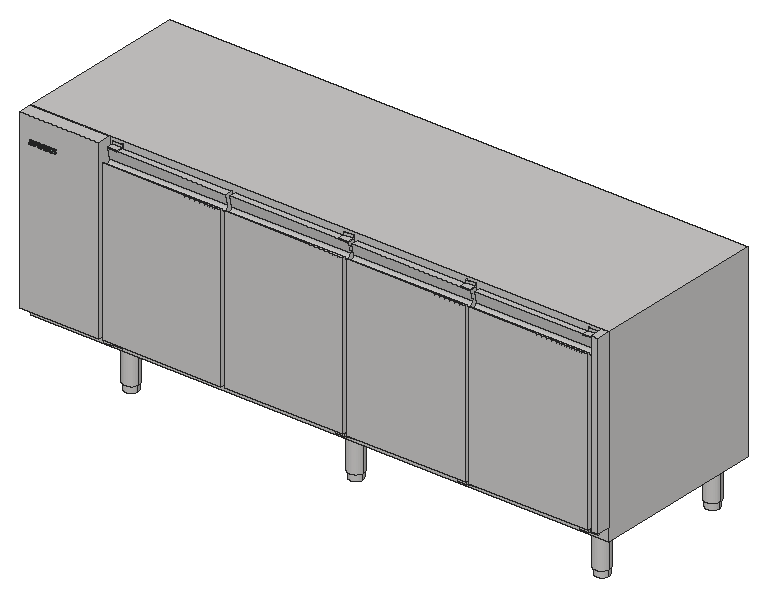
Revit family "QF_ALPENINOX_721080_AK4R7AAAA", category Attrezzature speciali, Revit 2018
Family settings
  Quota connettore circolare = Usa diametro
  Tipo di parte = Normale
  Basato su piano di lavoro = No
  Sempre verticale = Sì
  Taglio con vuoti quando caricato = No
  Condiviso = No
  Punto di calcolo locali = No
Parameters (values of type "Standard")
  Weight = 130.00 kg
  Watts = 270 W
  Volts = 220 V
  URL Manufacturer = "http://www.alpeninox.com"
  URL = "http://www.alpeninox.com"
  Steam Supply Size = 0 mm
  Steam Supply Minimum Pressure = 0.0 Pa
  Steam Supply Maximum Pressure = 0.0 Pa
  Steam Consumption per Hour = 0
  Refrigeration Suction Line Size = 0 mm
  Refrigeration Liquid Line Size = 0 mm
  Refrigerant Compressor Remote = yes
  Produttore = "Alpeninox"
  Phase = 1
  Modello = "AK4R7AAAA"
  Length Actual = 2149 mm  # constant formula
  Item Number = "721080"
  Hot Water Size = 0 mm
  Height Actual = 850 mm  # constant formula
  HP = "0.4 HP"
  Gas Size = 0 mm
  Gas KW = 0
  Gas Input Pressure = 0 W
  Direct Waste Size = 0 mm
  Descrizione = "4-DOOR REFRIGERATED COUNTER, -2+10°C, FULL AISI 304 (R290), WITHOUT WORK TOP"
  Depth Actual = 700 mm  # constant formula
  Cycle = 50 Hz
  Condensate Return Size = 0 mm
  Compressed Air Volume = 0.0 L/s
  Compressed Air Size = 0 mm
  Compressed Air Pressure = 0.0 Pa
  Cold Water Size = 0 mm
  Accessory = yes
Values of the unnamed type that differ from the named types
  Weight = 0.00 kg
  Watts = 0 W
  Volts = 0 V
  URL Manufacturer = ""
  Item Number = ""
  HP = ""
  Cycle = 0 Hz
Reference planes
  plane 1: z = 0
  plane 2 "Center (Left/Right)": x = -126.5
  plane 3 "Center (Front/Back)": y = 64.5
  plane 4 "FEET": z = 150
  plane 5 "TOP": z = 900
  plane 6 "PLAIN": z = 850
  plane 7 "EI_back": y = 103
  plane 8 "EI_left": x = -1140
  plane 9 "BACK": y = 412
  plane 10 "FRONT": y = -283
  plane 11 "DOOR": y = -233
  plane 12 "LEFT": x = -1201
  plane 13 "RIGHT": x = 948
  plane 14: x = -1176
  plane 15: x = 923
Forms (mm)
  Extrusion 1, solid, material "QF_Finishes_Stainless Steel"
    sketch origin (-1022.223, -1524, 150) x (-1, 0, 0) y (0, -1, 0)
      loop
        circle (117.777, -1627) r 5
    from 0 to -40
  Extrusion 2, solid, material "QF_Finishes_Stainless Steel"
    sketch origin (-1022.223, -1524, 150) x (-1, 0, 0) y (0, -1, 0)
      loop
        line (-1945.223, -1291) -> (-1945.223, -1241) -> (-1970.223, -1241) -> (-1970.223, -1291) -> (-1945.223, -1291)
    from 48 to 700
  Extrusion 3, solid, material "QF_Finishes_Stainless Steel"
    sketch origin (-1022.223, -1524, 150) x (-1, 0, 0) y (0, -1, 0)
      loop
        line (178.777, -1936) -> (178.777, -1291) -> (-1970.223, -1291) -> (-1970.223, -1936) -> (178.777, -1936)
    from 0 to 700
Lines and regions (mm)
  symbolic lines, style "SpecialityEquipmentHiddenLines"
    curve 1: line (-1201, 412, 150) -> (948, 412, 150)
    curve 2: line (-1201, -283, 150) -> (-1201, 412, 150)
    curve 3: line (948, -283, 150) -> (-1201, -283, 150)
    curve 4: line (948, 412, 150) -> (948, -283, 150)
    curve 5: line (-1201, -233, 150) -> (948, -233, 150)
    curve 6: line (923, -283, 150) -> (923, -233, 150)
Dimensions and locks
  plane 4 "FEET" to level = 150 mm
  plane 11 "DOOR" to plane 10 "FRONT" = 50 mm
  plane 6 "PLAIN" to plane 4 "FEET" = 700 mm
  plane 5 "TOP" to plane 6 "PLAIN" = 50 mm
  plane 12 "LEFT" to plane 14 = 25 mm
  plane 15 to plane 13 "RIGHT" = 25 mm
  plane 9 "BACK" to plane 7 "EI_back" = 309 mm
  plane 12 "LEFT" to plane 8 "EI_left" = 61 mm
  plane 12 "LEFT" to plane 13 "RIGHT" = 2149 mm
  equal spacing: plane 12 "LEFT", plane 2 "Center (Left/Right)", plane 13 "RIGHT"
  plane 9 "BACK" to plane 10 "FRONT" = 695 mm
  equal spacing: plane 9 "BACK", plane 3 "Center (Front/Back)", plane 10 "FRONT"
  aligned and locked: level to plane 1
  aligned and locked: plane 13 "RIGHT" to Extrusion 2
  aligned and locked: Extrusion 2 to plane 15
Automatic sketch dimensions
  Extrusion 1 sketch curve to plane 7 "EI_back" = 0 mm
  Extrusion 1 sketch curve to plane 8 "EI_left" = 0 mm
  Extrusion 2 sketch curve to plane 11 "DOOR" = 0 mm
  Extrusion 2 sketch curve to plane 13 "RIGHT" = 0 mm
  Extrusion 2 sketch curve to plane 10 "FRONT" = 0 mm
  Extrusion 2 sketch curve to plane 15 = 0 mm
  Extrusion 3 sketch curve to plane 9 "BACK" = 0 mm
  Extrusion 3 sketch curve to plane 13 "RIGHT" = 0 mm
  Extrusion 3 sketch curve to plane 11 "DOOR" = 0 mm
  Extrusion 3 sketch curve to plane 12 "LEFT" = 0 mm
  curve 1 to plane 13 "RIGHT" = 0 mm
  curve 6 to plane 10 "FRONT" = 0 mm
  curve 6 to plane 15 = 0 mm
  curve 5 to plane 12 "LEFT" = 0 mm
  curve 6 to plane 11 "DOOR" = 0 mm
  curve 1 to plane 9 "BACK" = 0 mm
  radius of Extrusion 1 sketch curve = 5 mm
Nested families
  nested 1: "HPC_Refrigerator" at (948, -283, 0), type "HPC_Refrigerator"
  nested 2: "HPC_FEET" at (-867, 331, 0), type "HPC_FEET"
  nested 3: "HPC_FEET" at (882, 331, 0), type "HPC_FEET"
  nested 4: "HPC_FEET" at (-867, -183, 0), type "HPC_FEET"
  nested 5: "HPC_FEET" at (882, -183, 0), type "HPC_FEET"
  nested 6: "HPC_FEET" at (-32, -183, 0), type "HPC_FEET"
  nested 7: "HPC_APX_BI_TN_L" at (-994.08, -233, 598) x (1, 0, 0) z (0, -1, 0), type "HPC_APX_BI_TN_L"
    with Show Logo yes
  nested 8: "HPC_APX_SD_L" at (-673, -233, 512) x (1, 0, 0) z (0, -1, 0), type "HPC_APX_SD_L"
    with Show Clearance yes
  nested 9: "HPC_APX_SD_R" at (-219, -233, 512) x (1, 0, 0) z (0, -1, 0), type "HPC_APX_SD_R"
    with Show Clearance yes
  nested 10: "HPC_APX_SD_R" at (235, -233, 512) x (1, 0, 0) z (0, -1, 0), type "HPC_APX_SD_R"
    with Show Clearance yes
  nested 11: "HPC_APX_SD_R" at (689, -233, 512) x (1, 0, 0) z (0, -1, 0), type "HPC_APX_SD_R"
    with Show Clearance yes
Connectors
  electrical at (-1140, 103, 110), driven by "Volts"
    settings: on Extrusion 1, index 1, voltage 220 V, apparent load 0 VA, apparent load phase1 0 VA, apparent load phase2 0 VA, apparent load phase3 0 VA, power factor 1, load classification "Other", number of poles 1, system type 31, power factor state 1, is connector primary yes, connector utility no, sub classification motor no, connector description "Electrical Connection"
Definition of nested family "HPC_FEET"
  Parameters
    FEET = 150 mm
  Reference planes
    plane 1 "Center (Front/Back)": y = 0
    plane 2: z = 0
    plane 3 "Center (Left/Right)": x = 0
    plane 4: z = 150
  Forms (mm)
    Revolve 1, solid
      sketch origin (255.05, 0, 608.09) x (0, 0, 1) y (-1, 0, 0)
        loop
          line (-608.09, 255.05) -> (-608.09, 230.05) -> (-583.09, 230.05) -> (-583.09, 226.05) -> (-458.09, 226.05) -> (-458.09, 255.05) -> (-608.09, 255.05)
        axis (-608.09, 255.05) -> (-458.09, 255.05)
      angle from 0 to 360
  Dimensions and locks
    locked: Revolve 1 sketch curve to Revolve 1 sketch curve at 125
    "FEET": plane 4 to plane 2
    aligned and locked: level to plane 2
    aligned and locked: plane 4 to Revolve 1 sketch curve
    aligned and locked: Revolve 1 sketch curve to level
    aligned and locked: plane 3 "Center (Left/Right)" to Revolve 1 sketch curve
  Automatic sketch dimensions
    Revolve 1 sketch curve to plane 3 "Center (Left/Right)" = 0 mm
    Revolve 1 sketch curve to Revolve 1 sketch curve = 25 mm
    Revolve 1 sketch curve to Revolve 1 sketch curve = 29 mm
    plane 4 to Revolve 1 sketch curve = 50 mm
    Revolve 1 sketch curve to Revolve 1 sketch curve = 20 mm
Definition of nested family "HPC_APX_BI_TN_L"
  Parameters
    Show Logo [instance] = yes
    Default Elevation = 1219.2 mm
  Reference planes
    plane 1 "Center (Front/Back)": y = -74
    plane 2: z = 0
    plane 3 "Center (Left/Right)": x = -59.92
    plane 4: x = -206.92
    plane 5: x = 87.08
    plane 6: y = 252
    plane 7: y = -400
  Forms (mm)
    Extrusion 1, solid
      sketch origin (0, 0, 0) x (1, 0, 0) y (0, 1, 0)
        loop
          line (-1219.2, 1219.2) -> (-1219.2, -1219.2) -> (1219.2, -1219.2) -> (1219.2, 1219.2) -> (-1219.2, 1219.2)
      from 0 to -304.8
    Extrusion 2, solid
      sketch origin (0, 0, 0) x (1, 0, 0) y (0, 1, 0)
        loop
          line (-206.92, 252) -> (-206.92, -400) -> (87.08, -400) -> (87.08, 252) -> (-206.92, 252)
      from 0 to 50
    Extrusion 3, solid
      sketch origin (0, 0, 0) x (1, 0, 0) y (0, 1, 0)
        loop
          line (-168.675, 170.349) -> (-172.411, 160.318)
          arc (-172.411, 160.318) -> (-171.624, 158.497) -> (-169.837, 159.36) r 1.374
          line (-169.837, 159.36) -> (-169.268, 161.111) -> (-164.1, 161.111) -> (-163.54, 159.379)
          arc (-163.54, 159.379) -> (-161.802, 158.542) -> (-161.049, 160.318) r 1.333
          line (-161.049, 160.318) -> (-164.694, 170.349)
          arc (-164.694, 170.349) -> (-166.685, 171.876) -> (-168.675, 170.349) r 2.06
        loop
          line (-166.681, 169.055) -> (-168.469, 163.655) -> (-164.935, 163.655) -> (-166.681, 169.055)
        loop
          arc (-159.705, 160.042) -> (-159.262, 158.973) -> (-158.194, 158.531) r 1.512
          line (-158.194, 158.531) -> (-153.608, 158.531)
          arc (-153.608, 158.531) -> (-152.337, 159.802) -> (-153.608, 161.074) r 1.272
          line (-153.608, 161.074) -> (-156.917, 161.074) -> (-156.917, 170.328)
          arc (-156.917, 170.328) -> (-158.311, 171.722) -> (-159.705, 170.328) r 1.394
          line (-159.705, 170.328) -> (-159.705, 160.042)
        loop
          line (-151.076, 170.218) -> (-151.076, 159.859)
          arc (-151.076, 159.859) -> (-149.683, 158.466) -> (-148.29, 159.859) r 1.393
          line (-148.29, 159.859) -> (-148.29, 162.882) -> (-146.225, 162.882)
          arc (-146.225, 162.882) -> (-142.999, 163.859) -> (-141.608, 166.928) r 4.082
          arc (-141.608, 166.928) -> (-142.993, 170.272) -> (-146.336, 171.657) r 4.728
          line (-146.336, 171.657) -> (-149.638, 171.657)
          arc (-149.638, 171.657) -> (-150.655, 171.235) -> (-151.076, 170.218) r 1.439
        loop
          line (-148.29, 165.313) -> (-146.388, 165.313)
          arc (-146.388, 165.313) -> (-144.433, 167.268) -> (-146.388, 169.222) r 1.955
          line (-146.388, 169.222) -> (-148.29, 169.222) -> (-148.29, 165.313)
        loop
          arc (-131.184, 166.332) -> (-132.004, 168.2) -> (-133.767, 169.228) r 3.3
          arc (-133.767, 169.228) -> (-136.353, 168.661) -> (-137.611, 166.332) r 3.176
          line (-137.611, 166.332) -> (-131.184, 166.332)
        loop
          line (-137.538, 163.743) -> (-130.544, 163.743)
          arc (-130.544, 163.743) -> (-129.292, 163.916) -> (-128.301, 164.701) r 2.4
          arc (-128.301, 164.701) -> (-128.155, 165.545) -> (-128.212, 166.399) r 3.635
          arc (-128.212, 166.399) -> (-130.364, 170.162) -> (-134.39, 171.769) r 6.579
          arc (-134.39, 171.769) -> (-138.918, 169.706) -> (-140.661, 165.044) r 6.501
          arc (-140.661, 165.044) -> (-139.276, 160.789) -> (-135.401, 158.549) r 6.252
          arc (-135.401, 158.549) -> (-132.922, 158.526) -> (-130.544, 159.232) r 8.361
          arc (-130.544, 159.232) -> (-129.466, 159.781) -> (-128.641, 160.666) r 3.486
          arc (-128.641, 160.666) -> (-128.419, 161.592) -> (-128.828, 162.451) r 1.425
          arc (-128.828, 162.451) -> (-129.368, 162.762) -> (-129.99, 162.762) r 1.203
          arc (-129.99, 162.762) -> (-130.406, 162.59) -> (-130.764, 162.316) r 1.724
          arc (-130.764, 162.316) -> (-131.666, 161.705) -> (-132.646, 161.229) r 7.6
          arc (-132.646, 161.229) -> (-135.676, 161.35) -> (-137.538, 163.743) r 3.6
        loop
          line (-126.669, 170.328) -> (-126.669, 159.859)
          arc (-126.669, 159.859) -> (-125.273, 158.463) -> (-123.878, 159.859) r 1.396
          line (-123.878, 159.859) -> (-123.878, 166.785) -> (-117.946, 159.029)
          arc (-117.946, 159.029) -> (-116.361, 158.51) -> (-115.379, 159.859) r 1.417
          line (-115.379, 159.859) -> (-115.379, 170.328)
          arc (-115.379, 170.328) -> (-116.774, 171.723) -> (-118.169, 170.328) r 1.395
          line (-118.169, 170.328) -> (-118.169, 163.311) -> (-124.101, 171.157)
          arc (-124.101, 171.157) -> (-125.687, 171.678) -> (-126.669, 170.328) r 1.418
        loop
          arc (-113.636, 159.859) -> (-112.241, 158.464) -> (-110.847, 159.859) r 1.394
          line (-110.847, 159.859) -> (-110.847, 170.328)
          arc (-110.847, 170.328) -> (-112.241, 171.723) -> (-113.636, 170.328) r 1.394
          line (-113.636, 170.328) -> (-113.636, 159.859)
        loop
          line (-109.102, 170.328) -> (-109.102, 159.859)
          arc (-109.102, 159.859) -> (-107.706, 158.463) -> (-106.31, 159.859) r 1.396
          line (-106.31, 159.859) -> (-106.31, 166.785) -> (-100.378, 159.029)
          arc (-100.378, 159.029) -> (-98.793, 158.51) -> (-97.812, 159.859) r 1.417
          line (-97.812, 159.859) -> (-97.812, 170.328)
          arc (-97.812, 170.328) -> (-99.207, 171.723) -> (-100.602, 170.328) r 1.395
          line (-100.602, 170.328) -> (-100.602, 163.311) -> (-106.533, 171.157)
          arc (-106.533, 171.157) -> (-108.119, 171.678) -> (-109.102, 170.328) r 1.418
        loop
          arc (-96.345, 165.093) -> (-95.619, 161.877) -> (-93.467, 159.379) r 6.806
          arc (-93.467, 159.379) -> (-91.792, 158.566) -> (-89.948, 158.31) r 5.956
          arc (-89.948, 158.31) -> (-88.104, 158.566) -> (-86.43, 159.379) r 5.956
          arc (-86.43, 159.379) -> (-84.277, 161.877) -> (-83.551, 165.093) r 6.806
          arc (-83.551, 165.093) -> (-84.277, 168.31) -> (-86.43, 170.808) r 6.806
          arc (-86.43, 170.808) -> (-88.104, 171.621) -> (-89.948, 171.877) r 5.956
          arc (-89.948, 171.877) -> (-91.792, 171.621) -> (-93.467, 170.808) r 5.956
          arc (-93.467, 170.808) -> (-95.619, 168.31) -> (-96.345, 165.093) r 6.806
        loop
          arc (-93.425, 165.093) -> (-93.138, 163.212) -> (-92.081, 161.629) r 4.387
          arc (-92.081, 161.629) -> (-91.087, 161.049) -> (-89.948, 160.881) r 3.035
          arc (-89.948, 160.881) -> (-88.809, 161.049) -> (-87.815, 161.629) r 3.035
          arc (-87.815, 161.629) -> (-86.759, 163.212) -> (-86.472, 165.093) r 4.387
          arc (-86.472, 165.093) -> (-86.759, 166.975) -> (-87.815, 168.558) r 4.387
          arc (-87.815, 168.558) -> (-88.809, 169.138) -> (-89.948, 169.306) r 3.035
          arc (-89.948, 169.306) -> (-91.087, 169.138) -> (-92.081, 168.558) r 3.035
          arc (-92.081, 168.558) -> (-93.138, 166.975) -> (-93.425, 165.093) r 4.387
        loop
          line (-83.139, 169.609) -> (-80.126, 165.552) -> (-83.81, 160.652)
          arc (-83.81, 160.652) -> (-83.512, 158.692) -> (-81.559, 159.029) r 1.388
          line (-81.559, 159.029) -> (-78.51, 163.232) -> (-75.461, 159.029)
          arc (-75.461, 159.029) -> (-73.507, 158.692) -> (-73.21, 160.652) r 1.388
          line (-73.21, 160.652) -> (-76.894, 165.552) -> (-73.881, 169.609)
          arc (-73.881, 169.609) -> (-74.249, 171.597) -> (-76.205, 171.084) r 1.38
          line (-76.205, 171.084) -> (-78.51, 167.841) -> (-80.815, 171.084)
          arc (-80.815, 171.084) -> (-82.771, 171.597) -> (-83.139, 169.609) r 1.38
      from 50 to 51.6
  Lines and regions (mm)
    Split face 1
      outline origin (0, 0, 50) x (1, 0, 0) y (0, 1, 0)
        loop
          line (87.08, 183) -> (-172.92, 183)
          arc (-172.92, 183) -> (-190.42, 165.5) -> (-172.92, 148) r 17.5
          line (-172.92, 148) -> (87.08, 148)
    Split face 2
      outline origin (-38, 0, 50) x (1, 0, 0) y (0, 1, 0)
        loop
          line (-5.42, 177) -> (-5.42, 154) -> (64.58, 154) -> (64.58, 177) -> (-5.42, 177)
    Split face 3
      outline origin (-38, 0, 50) x (1, 0, 0) y (0, 1, 0)
        loop
          line (44.58, 174) -> (44.58, 157) -> (61.58, 157) -> (61.58, 174) -> (44.58, 174)
    Split face 4
      outline origin (0, 0, 50) x (1, 0, 0) y (0, 1, 0)
        loop
          line (-206.92, 188) -> (87.08, 188)
    Split face 5
      outline origin (0, 0, 50) x (1, 0, 0) y (0, 1, 0)
        loop
          arc (-163.464, 131.824) -> (-167.464, 127.824) -> (-163.464, 123.824) r 4
          line (-163.464, 123.824) -> (-121.464, 123.824)
          arc (-121.464, 123.824) -> (-117.464, 127.824) -> (-121.464, 131.824) r 4
          line (-121.464, 131.824) -> (-163.464, 131.824)
    Split face 6
      outline origin (330, 0, 50) x (1, 0, 0) y (0, 1, 0)
        loop
          arc (-328.464, 131.824) -> (-332.464, 127.824) -> (-328.464, 123.824) r 4
          line (-328.464, 123.824) -> (-286.464, 123.824)
          arc (-286.464, 123.824) -> (-282.464, 127.824) -> (-286.464, 131.824) r 4
          line (-286.464, 131.824) -> (-328.464, 131.824)
    Split face 7
      outline origin (110, 0, 50) x (1, 0, 0) y (0, 1, 0)
        loop
          arc (-218.464, 131.824) -> (-222.464, 127.824) -> (-218.464, 123.824) r 4
          line (-218.464, 123.824) -> (-176.464, 123.824)
          arc (-176.464, 123.824) -> (-172.464, 127.824) -> (-176.464, 131.824) r 4
          line (-176.464, 131.824) -> (-218.464, 131.824)
    Split face 8
      outline origin (220, 0, 50) x (1, 0, 0) y (0, 1, 0)
        loop
          arc (-273.464, 131.824) -> (-277.464, 127.824) -> (-273.464, 123.824) r 4
          line (-273.464, 123.824) -> (-231.464, 123.824)
          arc (-231.464, 123.824) -> (-227.464, 127.824) -> (-231.464, 131.824) r 4
          line (-231.464, 131.824) -> (-273.464, 131.824)
    Split face 9
      outline origin (0, -24, 50) x (1, 0, 0) y (0, 1, 0)
        loop
          arc (-163.464, 143.824) -> (-167.464, 139.824) -> (-163.464, 135.824) r 4
          line (-163.464, 135.824) -> (-121.464, 135.824)
          arc (-121.464, 135.824) -> (-117.464, 139.824) -> (-121.464, 143.824) r 4
          line (-121.464, 143.824) -> (-163.464, 143.824)
    Split face 10
      outline origin (330, -24, 50) x (1, 0, 0) y (0, 1, 0)
        loop
          arc (-328.464, 143.824) -> (-332.464, 139.824) -> (-328.464, 135.824) r 4
          line (-328.464, 135.824) -> (-286.464, 135.824)
          arc (-286.464, 135.824) -> (-282.464, 139.824) -> (-286.464, 143.824) r 4
          line (-286.464, 143.824) -> (-328.464, 143.824)
    Split face 11
      outline origin (110, -24, 50) x (1, 0, 0) y (0, 1, 0)
        loop
          arc (-218.464, 143.824) -> (-222.464, 139.824) -> (-218.464, 135.824) r 4
          line (-218.464, 135.824) -> (-176.464, 135.824)
          arc (-176.464, 135.824) -> (-172.464, 139.824) -> (-176.464, 143.824) r 4
          line (-176.464, 143.824) -> (-218.464, 143.824)
    Split face 12
      outline origin (220, -24, 50) x (1, 0, 0) y (0, 1, 0)
        loop
          arc (-273.464, 143.824) -> (-277.464, 139.824) -> (-273.464, 135.824) r 4
          line (-273.464, 135.824) -> (-231.464, 135.824)
          arc (-231.464, 135.824) -> (-227.464, 139.824) -> (-231.464, 143.824) r 4
          line (-231.464, 143.824) -> (-273.464, 143.824)
    Split face 13
      outline origin (0, -48, 50) x (1, 0, 0) y (0, 1, 0)
        loop
          arc (-163.464, 155.824) -> (-167.464, 151.824) -> (-163.464, 147.824) r 4
          line (-163.464, 147.824) -> (-121.464, 147.824)
          arc (-121.464, 147.824) -> (-117.464, 151.824) -> (-121.464, 155.824) r 4
          line (-121.464, 155.824) -> (-163.464, 155.824)
    Split face 14
      outline origin (330, -48, 50) x (1, 0, 0) y (0, 1, 0)
        loop
          arc (-328.464, 155.824) -> (-332.464, 151.824) -> (-328.464, 147.824) r 4
          line (-328.464, 147.824) -> (-286.464, 147.824)
          arc (-286.464, 147.824) -> (-282.464, 151.824) -> (-286.464, 155.824) r 4
          line (-286.464, 155.824) -> (-328.464, 155.824)
    Split face 15
      outline origin (110, -48, 50) x (1, 0, 0) y (0, 1, 0)
        loop
          arc (-218.464, 155.824) -> (-222.464, 151.824) -> (-218.464, 147.824) r 4
          line (-218.464, 147.824) -> (-176.464, 147.824)
          arc (-176.464, 147.824) -> (-172.464, 151.824) -> (-176.464, 155.824) r 4
          line (-176.464, 155.824) -> (-218.464, 155.824)
    Split face 16
      outline origin (220, -48, 50) x (1, 0, 0) y (0, 1, 0)
        loop
          arc (-273.464, 155.824) -> (-277.464, 151.824) -> (-273.464, 147.824) r 4
          line (-273.464, 147.824) -> (-231.464, 147.824)
          arc (-231.464, 147.824) -> (-227.464, 151.824) -> (-231.464, 155.824) r 4
          line (-231.464, 155.824) -> (-273.464, 155.824)
    Split face 17
      outline origin (0, -72, 50) x (1, 0, 0) y (0, 1, 0)
        loop
          arc (-163.464, 167.824) -> (-167.464, 163.824) -> (-163.464, 159.824) r 4
          line (-163.464, 159.824) -> (-121.464, 159.824)
          arc (-121.464, 159.824) -> (-117.464, 163.824) -> (-121.464, 167.824) r 4
          line (-121.464, 167.824) -> (-163.464, 167.824)
    Split face 18
      outline origin (330, -72, 50) x (1, 0, 0) y (0, 1, 0)
        loop
          arc (-328.464, 167.824) -> (-332.464, 163.824) -> (-328.464, 159.824) r 4
          line (-328.464, 159.824) -> (-286.464, 159.824)
          arc (-286.464, 159.824) -> (-282.464, 163.824) -> (-286.464, 167.824) r 4
          line (-286.464, 167.824) -> (-328.464, 167.824)
    Split face 19
      outline origin (110, -72, 50) x (1, 0, 0) y (0, 1, 0)
        loop
          arc (-218.464, 167.824) -> (-222.464, 163.824) -> (-218.464, 159.824) r 4
          line (-218.464, 159.824) -> (-176.464, 159.824)
          arc (-176.464, 159.824) -> (-172.464, 163.824) -> (-176.464, 167.824) r 4
          line (-176.464, 167.824) -> (-218.464, 167.824)
    Split face 20
      outline origin (220, -72, 50) x (1, 0, 0) y (0, 1, 0)
        loop
          arc (-273.464, 167.824) -> (-277.464, 163.824) -> (-273.464, 159.824) r 4
          line (-273.464, 159.824) -> (-231.464, 159.824)
          arc (-231.464, 159.824) -> (-227.464, 163.824) -> (-231.464, 167.824) r 4
          line (-231.464, 167.824) -> (-273.464, 167.824)
    Split face 21
      outline origin (0, -96, 50) x (1, 0, 0) y (0, 1, 0)
        loop
          arc (-163.464, 179.824) -> (-167.464, 175.824) -> (-163.464, 171.824) r 4
          line (-163.464, 171.824) -> (-121.464, 171.824)
          arc (-121.464, 171.824) -> (-117.464, 175.824) -> (-121.464, 179.824) r 4
          line (-121.464, 179.824) -> (-163.464, 179.824)
    Split face 22
      outline origin (330, -96, 50) x (1, 0, 0) y (0, 1, 0)
        loop
          arc (-328.464, 179.824) -> (-332.464, 175.824) -> (-328.464, 171.824) r 4
          line (-328.464, 171.824) -> (-286.464, 171.824)
          arc (-286.464, 171.824) -> (-282.464, 175.824) -> (-286.464, 179.824) r 4
          line (-286.464, 179.824) -> (-328.464, 179.824)
    Split face 23
      outline origin (110, -96, 50) x (1, 0, 0) y (0, 1, 0)
        loop
          arc (-218.464, 179.824) -> (-222.464, 175.824) -> (-218.464, 171.824) r 4
          line (-218.464, 171.824) -> (-176.464, 171.824)
          arc (-176.464, 171.824) -> (-172.464, 175.824) -> (-176.464, 179.824) r 4
          line (-176.464, 179.824) -> (-218.464, 179.824)
    Split face 24
      outline origin (220, -96, 50) x (1, 0, 0) y (0, 1, 0)
        loop
          arc (-273.464, 179.824) -> (-277.464, 175.824) -> (-273.464, 171.824) r 4
          line (-273.464, 171.824) -> (-231.464, 171.824)
          arc (-231.464, 171.824) -> (-227.464, 175.824) -> (-231.464, 179.824) r 4
          line (-231.464, 179.824) -> (-273.464, 179.824)
    Split face 25
      outline origin (0, -120, 50) x (1, 0, 0) y (0, 1, 0)
        loop
          arc (-163.464, 191.824) -> (-167.464, 187.824) -> (-163.464, 183.824) r 4
          line (-163.464, 183.824) -> (-121.464, 183.824)
          arc (-121.464, 183.824) -> (-117.464, 187.824) -> (-121.464, 191.824) r 4
          line (-121.464, 191.824) -> (-163.464, 191.824)
    Split face 26
      outline origin (330, -120, 50) x (1, 0, 0) y (0, 1, 0)
        loop
          arc (-328.464, 191.824) -> (-332.464, 187.824) -> (-328.464, 183.824) r 4
          line (-328.464, 183.824) -> (-286.464, 183.824)
          arc (-286.464, 183.824) -> (-282.464, 187.824) -> (-286.464, 191.824) r 4
          line (-286.464, 191.824) -> (-328.464, 191.824)
    Split face 27
      outline origin (110, -120, 50) x (1, 0, 0) y (0, 1, 0)
        loop
          arc (-218.464, 191.824) -> (-222.464, 187.824) -> (-218.464, 183.824) r 4
          line (-218.464, 183.824) -> (-176.464, 183.824)
          arc (-176.464, 183.824) -> (-172.464, 187.824) -> (-176.464, 191.824) r 4
          line (-176.464, 191.824) -> (-218.464, 191.824)
    Split face 28
      outline origin (220, -120, 50) x (1, 0, 0) y (0, 1, 0)
        loop
          arc (-273.464, 191.824) -> (-277.464, 187.824) -> (-273.464, 183.824) r 4
          line (-273.464, 183.824) -> (-231.464, 183.824)
          arc (-231.464, 183.824) -> (-227.464, 187.824) -> (-231.464, 191.824) r 4
          line (-231.464, 191.824) -> (-273.464, 191.824)
    Split face 29
      outline origin (0, -144, 50) x (1, 0, 0) y (0, 1, 0)
        loop
          arc (-163.464, 203.824) -> (-167.464, 199.824) -> (-163.464, 195.824) r 4
          line (-163.464, 195.824) -> (-121.464, 195.824)
          arc (-121.464, 195.824) -> (-117.464, 199.824) -> (-121.464, 203.824) r 4
          line (-121.464, 203.824) -> (-163.464, 203.824)
    Split face 30
      outline origin (330, -144, 50) x (1, 0, 0) y (0, 1, 0)
        loop
          arc (-328.464, 203.824) -> (-332.464, 199.824) -> (-328.464, 195.824) r 4
          line (-328.464, 195.824) -> (-286.464, 195.824)
          arc (-286.464, 195.824) -> (-282.464, 199.824) -> (-286.464, 203.824) r 4
          line (-286.464, 203.824) -> (-328.464, 203.824)
    Split face 31
      outline origin (110, -144, 50) x (1, 0, 0) y (0, 1, 0)
        loop
          arc (-218.464, 203.824) -> (-222.464, 199.824) -> (-218.464, 195.824) r 4
          line (-218.464, 195.824) -> (-176.464, 195.824)
          arc (-176.464, 195.824) -> (-172.464, 199.824) -> (-176.464, 203.824) r 4
          line (-176.464, 203.824) -> (-218.464, 203.824)
    Split face 32
      outline origin (220, -144, 50) x (1, 0, 0) y (0, 1, 0)
        loop
          arc (-273.464, 203.824) -> (-277.464, 199.824) -> (-273.464, 195.824) r 4
          line (-273.464, 195.824) -> (-231.464, 195.824)
          arc (-231.464, 195.824) -> (-227.464, 199.824) -> (-231.464, 203.824) r 4
          line (-231.464, 203.824) -> (-273.464, 203.824)
    Split face 33
      outline origin (0, -168, 50) x (1, 0, 0) y (0, 1, 0)
        loop
          arc (-163.464, 215.824) -> (-167.464, 211.824) -> (-163.464, 207.824) r 4
          line (-163.464, 207.824) -> (-121.464, 207.824)
          arc (-121.464, 207.824) -> (-117.464, 211.824) -> (-121.464, 215.824) r 4
          line (-121.464, 215.824) -> (-163.464, 215.824)
    Split face 34
      outline origin (330, -168, 50) x (1, 0, 0) y (0, 1, 0)
        loop
          arc (-328.464, 215.824) -> (-332.464, 211.824) -> (-328.464, 207.824) r 4
          line (-328.464, 207.824) -> (-286.464, 207.824)
          arc (-286.464, 207.824) -> (-282.464, 211.824) -> (-286.464, 215.824) r 4
          line (-286.464, 215.824) -> (-328.464, 215.824)
    Split face 35
      outline origin (110, -168, 50) x (1, 0, 0) y (0, 1, 0)
        loop
          arc (-218.464, 215.824) -> (-222.464, 211.824) -> (-218.464, 207.824) r 4
          line (-218.464, 207.824) -> (-176.464, 207.824)
          arc (-176.464, 207.824) -> (-172.464, 211.824) -> (-176.464, 215.824) r 4
          line (-176.464, 215.824) -> (-218.464, 215.824)
    Split face 36
      outline origin (220, -168, 50) x (1, 0, 0) y (0, 1, 0)
        loop
          arc (-273.464, 215.824) -> (-277.464, 211.824) -> (-273.464, 207.824) r 4
          line (-273.464, 207.824) -> (-231.464, 207.824)
          arc (-231.464, 207.824) -> (-227.464, 211.824) -> (-231.464, 215.824) r 4
          line (-231.464, 215.824) -> (-273.464, 215.824)
    Split face 37
      outline origin (0, -192, 50) x (1, 0, 0) y (0, 1, 0)
        loop
          arc (-163.464, 227.824) -> (-167.464, 223.824) -> (-163.464, 219.824) r 4
          line (-163.464, 219.824) -> (-121.464, 219.824)
          arc (-121.464, 219.824) -> (-117.464, 223.824) -> (-121.464, 227.824) r 4
          line (-121.464, 227.824) -> (-163.464, 227.824)
    Split face 38
      outline origin (330, -192, 50) x (1, 0, 0) y (0, 1, 0)
        loop
          arc (-328.464, 227.824) -> (-332.464, 223.824) -> (-328.464, 219.824) r 4
          line (-328.464, 219.824) -> (-286.464, 219.824)
          arc (-286.464, 219.824) -> (-282.464, 223.824) -> (-286.464, 227.824) r 4
          line (-286.464, 227.824) -> (-328.464, 227.824)
    Split face 39
      outline origin (110, -192, 50) x (1, 0, 0) y (0, 1, 0)
        loop
          arc (-218.464, 227.824) -> (-222.464, 223.824) -> (-218.464, 219.824) r 4
          line (-218.464, 219.824) -> (-176.464, 219.824)
          arc (-176.464, 219.824) -> (-172.464, 223.824) -> (-176.464, 227.824) r 4
          line (-176.464, 227.824) -> (-218.464, 227.824)
    Split face 40
      outline origin (220, -192, 50) x (1, 0, 0) y (0, 1, 0)
        loop
          arc (-273.464, 227.824) -> (-277.464, 223.824) -> (-273.464, 219.824) r 4
          line (-273.464, 219.824) -> (-231.464, 219.824)
          arc (-231.464, 219.824) -> (-227.464, 223.824) -> (-231.464, 227.824) r 4
          line (-231.464, 227.824) -> (-273.464, 227.824)
    Split face 41
      outline origin (0, -216, 50) x (1, 0, 0) y (0, 1, 0)
        loop
          arc (-163.464, 239.824) -> (-167.464, 235.824) -> (-163.464, 231.824) r 4
          line (-163.464, 231.824) -> (-121.464, 231.824)
          arc (-121.464, 231.824) -> (-117.464, 235.824) -> (-121.464, 239.824) r 4
          line (-121.464, 239.824) -> (-163.464, 239.824)
    Split face 42
      outline origin (330, -216, 50) x (1, 0, 0) y (0, 1, 0)
        loop
          arc (-328.464, 239.824) -> (-332.464, 235.824) -> (-328.464, 231.824) r 4
          line (-328.464, 231.824) -> (-286.464, 231.824)
          arc (-286.464, 231.824) -> (-282.464, 235.824) -> (-286.464, 239.824) r 4
          line (-286.464, 239.824) -> (-328.464, 239.824)
    Split face 43
      outline origin (110, -216, 50) x (1, 0, 0) y (0, 1, 0)
        loop
          arc (-218.464, 239.824) -> (-222.464, 235.824) -> (-218.464, 231.824) r 4
          line (-218.464, 231.824) -> (-176.464, 231.824)
          arc (-176.464, 231.824) -> (-172.464, 235.824) -> (-176.464, 239.824) r 4
          line (-176.464, 239.824) -> (-218.464, 239.824)
    Split face 44
      outline origin (220, -216, 50) x (1, 0, 0) y (0, 1, 0)
        loop
          arc (-273.464, 239.824) -> (-277.464, 235.824) -> (-273.464, 231.824) r 4
          line (-273.464, 231.824) -> (-231.464, 231.824)
          arc (-231.464, 231.824) -> (-227.464, 235.824) -> (-231.464, 239.824) r 4
          line (-231.464, 239.824) -> (-273.464, 239.824)
    Split face 45
      outline origin (0, -240, 50) x (1, 0, 0) y (0, 1, 0)
        loop
          arc (-163.464, 251.824) -> (-167.464, 247.824) -> (-163.464, 243.824) r 4
          line (-163.464, 243.824) -> (-121.464, 243.824)
          arc (-121.464, 243.824) -> (-117.464, 247.824) -> (-121.464, 251.824) r 4
          line (-121.464, 251.824) -> (-163.464, 251.824)
    Split face 46
      outline origin (330, -240, 50) x (1, 0, 0) y (0, 1, 0)
        loop
          arc (-328.464, 251.824) -> (-332.464, 247.824) -> (-328.464, 243.824) r 4
          line (-328.464, 243.824) -> (-286.464, 243.824)
          arc (-286.464, 243.824) -> (-282.464, 247.824) -> (-286.464, 251.824) r 4
          line (-286.464, 251.824) -> (-328.464, 251.824)
    Split face 47
      outline origin (110, -240, 50) x (1, 0, 0) y (0, 1, 0)
        loop
          arc (-218.464, 251.824) -> (-222.464, 247.824) -> (-218.464, 243.824) r 4
          line (-218.464, 243.824) -> (-176.464, 243.824)
          arc (-176.464, 243.824) -> (-172.464, 247.824) -> (-176.464, 251.824) r 4
          line (-176.464, 251.824) -> (-218.464, 251.824)
    Split face 48
      outline origin (220, -240, 50) x (1, 0, 0) y (0, 1, 0)
        loop
          arc (-273.464, 251.824) -> (-277.464, 247.824) -> (-273.464, 243.824) r 4
          line (-273.464, 243.824) -> (-231.464, 243.824)
          arc (-231.464, 243.824) -> (-227.464, 247.824) -> (-231.464, 251.824) r 4
          line (-231.464, 251.824) -> (-273.464, 251.824)
    Split face 49
      outline origin (0, -264, 50) x (1, 0, 0) y (0, 1, 0)
        loop
          arc (-163.464, 263.824) -> (-167.464, 259.824) -> (-163.464, 255.824) r 4
          line (-163.464, 255.824) -> (-121.464, 255.824)
          arc (-121.464, 255.824) -> (-117.464, 259.824) -> (-121.464, 263.824) r 4
          line (-121.464, 263.824) -> (-163.464, 263.824)
    Split face 50
      outline origin (330, -264, 50) x (1, 0, 0) y (0, 1, 0)
        loop
          arc (-328.464, 263.824) -> (-332.464, 259.824) -> (-328.464, 255.824) r 4
          line (-328.464, 255.824) -> (-286.464, 255.824)
          arc (-286.464, 255.824) -> (-282.464, 259.824) -> (-286.464, 263.824) r 4
          line (-286.464, 263.824) -> (-328.464, 263.824)
    Split face 51
      outline origin (110, -264, 50) x (1, 0, 0) y (0, 1, 0)
        loop
          arc (-218.464, 263.824) -> (-222.464, 259.824) -> (-218.464, 255.824) r 4
          line (-218.464, 255.824) -> (-176.464, 255.824)
          arc (-176.464, 255.824) -> (-172.464, 259.824) -> (-176.464, 263.824) r 4
          line (-176.464, 263.824) -> (-218.464, 263.824)
    Split face 52
      outline origin (220, -264, 50) x (1, 0, 0) y (0, 1, 0)
        loop
          arc (-273.464, 263.824) -> (-277.464, 259.824) -> (-273.464, 255.824) r 4
          line (-273.464, 255.824) -> (-231.464, 255.824)
          arc (-231.464, 255.824) -> (-227.464, 259.824) -> (-231.464, 263.824) r 4
          line (-231.464, 263.824) -> (-273.464, 263.824)
    Split face 53
      outline origin (0, -288, 50) x (1, 0, 0) y (0, 1, 0)
        loop
          arc (-163.464, 275.824) -> (-167.464, 271.824) -> (-163.464, 267.824) r 4
          line (-163.464, 267.824) -> (-121.464, 267.824)
          arc (-121.464, 267.824) -> (-117.464, 271.824) -> (-121.464, 275.824) r 4
          line (-121.464, 275.824) -> (-163.464, 275.824)
    Split face 54
      outline origin (330, -288, 50) x (1, 0, 0) y (0, 1, 0)
        loop
          arc (-328.464, 275.824) -> (-332.464, 271.824) -> (-328.464, 267.824) r 4
          line (-328.464, 267.824) -> (-286.464, 267.824)
          arc (-286.464, 267.824) -> (-282.464, 271.824) -> (-286.464, 275.824) r 4
          line (-286.464, 275.824) -> (-328.464, 275.824)
    Split face 55
      outline origin (110, -288, 50) x (1, 0, 0) y (0, 1, 0)
        loop
          arc (-218.464, 275.824) -> (-222.464, 271.824) -> (-218.464, 267.824) r 4
          line (-218.464, 267.824) -> (-176.464, 267.824)
          arc (-176.464, 267.824) -> (-172.464, 271.824) -> (-176.464, 275.824) r 4
          line (-176.464, 275.824) -> (-218.464, 275.824)
    Split face 56
      outline origin (220, -288, 50) x (1, 0, 0) y (0, 1, 0)
        loop
          arc (-273.464, 275.824) -> (-277.464, 271.824) -> (-273.464, 267.824) r 4
          line (-273.464, 267.824) -> (-231.464, 267.824)
          arc (-231.464, 267.824) -> (-227.464, 271.824) -> (-231.464, 275.824) r 4
          line (-231.464, 275.824) -> (-273.464, 275.824)
    Split face 57
      outline origin (0, -312, 50) x (1, 0, 0) y (0, 1, 0)
        loop
          arc (-163.464, 287.824) -> (-167.464, 283.824) -> (-163.464, 279.824) r 4
          line (-163.464, 279.824) -> (-121.464, 279.824)
          arc (-121.464, 279.824) -> (-117.464, 283.824) -> (-121.464, 287.824) r 4
          line (-121.464, 287.824) -> (-163.464, 287.824)
    Split face 58
      outline origin (330, -312, 50) x (1, 0, 0) y (0, 1, 0)
        loop
          arc (-328.464, 287.824) -> (-332.464, 283.824) -> (-328.464, 279.824) r 4
          line (-328.464, 279.824) -> (-286.464, 279.824)
          arc (-286.464, 279.824) -> (-282.464, 283.824) -> (-286.464, 287.824) r 4
          line (-286.464, 287.824) -> (-328.464, 287.824)
    Split face 59
      outline origin (110, -312, 50) x (1, 0, 0) y (0, 1, 0)
        loop
          arc (-218.464, 287.824) -> (-222.464, 283.824) -> (-218.464, 279.824) r 4
          line (-218.464, 279.824) -> (-176.464, 279.824)
          arc (-176.464, 279.824) -> (-172.464, 283.824) -> (-176.464, 287.824) r 4
          line (-176.464, 287.824) -> (-218.464, 287.824)
    Split face 60
      outline origin (220, -312, 50) x (1, 0, 0) y (0, 1, 0)
        loop
          arc (-273.464, 287.824) -> (-277.464, 283.824) -> (-273.464, 279.824) r 4
          line (-273.464, 279.824) -> (-231.464, 279.824)
          arc (-231.464, 279.824) -> (-227.464, 283.824) -> (-231.464, 287.824) r 4
          line (-231.464, 287.824) -> (-273.464, 287.824)
    Split face 61
      outline origin (0, -336, 50) x (1, 0, 0) y (0, 1, 0)
        loop
          arc (-163.464, 299.824) -> (-167.464, 295.824) -> (-163.464, 291.824) r 4
          line (-163.464, 291.824) -> (-121.464, 291.824)
          arc (-121.464, 291.824) -> (-117.464, 295.824) -> (-121.464, 299.824) r 4
          line (-121.464, 299.824) -> (-163.464, 299.824)
    Split face 62
      outline origin (330, -336, 50) x (1, 0, 0) y (0, 1, 0)
        loop
          arc (-328.464, 299.824) -> (-332.464, 295.824) -> (-328.464, 291.824) r 4
          line (-328.464, 291.824) -> (-286.464, 291.824)
          arc (-286.464, 291.824) -> (-282.464, 295.824) -> (-286.464, 299.824) r 4
          line (-286.464, 299.824) -> (-328.464, 299.824)
    Split face 63
      outline origin (110, -336, 50) x (1, 0, 0) y (0, 1, 0)
        loop
          arc (-218.464, 299.824) -> (-222.464, 295.824) -> (-218.464, 291.824) r 4
          line (-218.464, 291.824) -> (-176.464, 291.824)
          arc (-176.464, 291.824) -> (-172.464, 295.824) -> (-176.464, 299.824) r 4
          line (-176.464, 299.824) -> (-218.464, 299.824)
    Split face 64
      outline origin (220, -336, 50) x (1, 0, 0) y (0, 1, 0)
        loop
          arc (-273.464, 299.824) -> (-277.464, 295.824) -> (-273.464, 291.824) r 4
          line (-273.464, 291.824) -> (-231.464, 291.824)
          arc (-231.464, 291.824) -> (-227.464, 295.824) -> (-231.464, 299.824) r 4
          line (-231.464, 299.824) -> (-273.464, 299.824)
    Split face 65
      outline origin (0, -360, 50) x (1, 0, 0) y (0, 1, 0)
        loop
          arc (-163.464, 311.824) -> (-167.464, 307.824) -> (-163.464, 303.824) r 4
          line (-163.464, 303.824) -> (-121.464, 303.824)
          arc (-121.464, 303.824) -> (-117.464, 307.824) -> (-121.464, 311.824) r 4
          line (-121.464, 311.824) -> (-163.464, 311.824)
    Split face 66
      outline origin (330, -360, 50) x (1, 0, 0) y (0, 1, 0)
        loop
          arc (-328.464, 311.824) -> (-332.464, 307.824) -> (-328.464, 303.824) r 4
          line (-328.464, 303.824) -> (-286.464, 303.824)
          arc (-286.464, 303.824) -> (-282.464, 307.824) -> (-286.464, 311.824) r 4
          line (-286.464, 311.824) -> (-328.464, 311.824)
    Split face 67
      outline origin (110, -360, 50) x (1, 0, 0) y (0, 1, 0)
        loop
          arc (-218.464, 311.824) -> (-222.464, 307.824) -> (-218.464, 303.824) r 4
          line (-218.464, 303.824) -> (-176.464, 303.824)
          arc (-176.464, 303.824) -> (-172.464, 307.824) -> (-176.464, 311.824) r 4
          line (-176.464, 311.824) -> (-218.464, 311.824)
    Split face 68
      outline origin (220, -360, 50) x (1, 0, 0) y (0, 1, 0)
        loop
          arc (-273.464, 311.824) -> (-277.464, 307.824) -> (-273.464, 303.824) r 4
          line (-273.464, 303.824) -> (-231.464, 303.824)
          arc (-231.464, 303.824) -> (-227.464, 307.824) -> (-231.464, 311.824) r 4
          line (-231.464, 311.824) -> (-273.464, 311.824)
    Split face 69
      outline origin (0, 0, 50) x (1, 0, 0) y (0, 1, 0)
        loop
          line (-206.92, 143) -> (87.08, 143)
    Split face 70
      outline origin (0, -663.3, 50) x (1, 0, 0) y (0, 1, 0)
        loop
          arc (-163.464, 463.474) -> (-167.464, 459.474) -> (-163.464, 455.474) r 4
          line (-163.464, 455.474) -> (-121.464, 455.474)
          arc (-121.464, 455.474) -> (-117.464, 459.474) -> (-121.464, 463.474) r 4
          line (-121.464, 463.474) -> (-163.464, 463.474)
    Split face 71
      outline origin (330, -663.3, 50) x (1, 0, 0) y (0, 1, 0)
        loop
          arc (-328.464, 463.474) -> (-332.464, 459.474) -> (-328.464, 455.474) r 4
          line (-328.464, 455.474) -> (-286.464, 455.474)
          arc (-286.464, 455.474) -> (-282.464, 459.474) -> (-286.464, 463.474) r 4
          line (-286.464, 463.474) -> (-328.464, 463.474)
    Split face 72
      outline origin (110, -663.3, 50) x (1, 0, 0) y (0, 1, 0)
        loop
          arc (-218.464, 463.474) -> (-222.464, 459.474) -> (-218.464, 455.474) r 4
          line (-218.464, 455.474) -> (-176.464, 455.474)
          arc (-176.464, 455.474) -> (-172.464, 459.474) -> (-176.464, 463.474) r 4
          line (-176.464, 463.474) -> (-218.464, 463.474)
    Split face 73
      outline origin (220, -663.3, 50) x (1, 0, 0) y (0, 1, 0)
        loop
          arc (-273.464, 463.474) -> (-277.464, 459.474) -> (-273.464, 455.474) r 4
          line (-273.464, 455.474) -> (-231.464, 455.474)
          arc (-231.464, 455.474) -> (-227.464, 459.474) -> (-231.464, 463.474) r 4
          line (-231.464, 463.474) -> (-273.464, 463.474)
    Split face 74
      outline origin (0, -687.3, 50) x (1, 0, 0) y (0, 1, 0)
        loop
          arc (-163.464, 475.474) -> (-167.464, 471.474) -> (-163.464, 467.474) r 4
          line (-163.464, 467.474) -> (-121.464, 467.474)
          arc (-121.464, 467.474) -> (-117.464, 471.474) -> (-121.464, 475.474) r 4
          line (-121.464, 475.474) -> (-163.464, 475.474)
    Split face 75
      outline origin (330, -687.3, 50) x (1, 0, 0) y (0, 1, 0)
        loop
          arc (-328.464, 475.474) -> (-332.464, 471.474) -> (-328.464, 467.474) r 4
          line (-328.464, 467.474) -> (-286.464, 467.474)
          arc (-286.464, 467.474) -> (-282.464, 471.474) -> (-286.464, 475.474) r 4
          line (-286.464, 475.474) -> (-328.464, 475.474)
    Split face 76
      outline origin (110, -687.3, 50) x (1, 0, 0) y (0, 1, 0)
        loop
          arc (-218.464, 475.474) -> (-222.464, 471.474) -> (-218.464, 467.474) r 4
          line (-218.464, 467.474) -> (-176.464, 467.474)
          arc (-176.464, 467.474) -> (-172.464, 471.474) -> (-176.464, 475.474) r 4
          line (-176.464, 475.474) -> (-218.464, 475.474)
    Split face 77
      outline origin (220, -687.3, 50) x (1, 0, 0) y (0, 1, 0)
        loop
          arc (-273.464, 475.474) -> (-277.464, 471.474) -> (-273.464, 467.474) r 4
          line (-273.464, 467.474) -> (-231.464, 467.474)
          arc (-231.464, 467.474) -> (-227.464, 471.474) -> (-231.464, 475.474) r 4
          line (-231.464, 475.474) -> (-273.464, 475.474)
    Split face 78
      outline origin (0, -711.3, 50) x (1, 0, 0) y (0, 1, 0)
        loop
          arc (-163.464, 487.474) -> (-167.464, 483.474) -> (-163.464, 479.474) r 4
          line (-163.464, 479.474) -> (-121.464, 479.474)
          arc (-121.464, 479.474) -> (-117.464, 483.474) -> (-121.464, 487.474) r 4
          line (-121.464, 487.474) -> (-163.464, 487.474)
    Split face 79
      outline origin (330, -711.3, 50) x (1, 0, 0) y (0, 1, 0)
        loop
          arc (-328.464, 487.474) -> (-332.464, 483.474) -> (-328.464, 479.474) r 4
          line (-328.464, 479.474) -> (-286.464, 479.474)
          arc (-286.464, 479.474) -> (-282.464, 483.474) -> (-286.464, 487.474) r 4
          line (-286.464, 487.474) -> (-328.464, 487.474)
    Split face 80
      outline origin (110, -711.3, 50) x (1, 0, 0) y (0, 1, 0)
        loop
          arc (-218.464, 487.474) -> (-222.464, 483.474) -> (-218.464, 479.474) r 4
          line (-218.464, 479.474) -> (-176.464, 479.474)
          arc (-176.464, 479.474) -> (-172.464, 483.474) -> (-176.464, 487.474) r 4
          line (-176.464, 487.474) -> (-218.464, 487.474)
    Split face 81
      outline origin (220, -711.3, 50) x (1, 0, 0) y (0, 1, 0)
        loop
          arc (-273.464, 487.474) -> (-277.464, 483.474) -> (-273.464, 479.474) r 4
          line (-273.464, 479.474) -> (-231.464, 479.474)
          arc (-231.464, 479.474) -> (-227.464, 483.474) -> (-231.464, 487.474) r 4
          line (-231.464, 487.474) -> (-273.464, 487.474)
    Split face 82
      outline origin (0, -735.3, 50) x (1, 0, 0) y (0, 1, 0)
        loop
          arc (-163.464, 499.474) -> (-167.464, 495.474) -> (-163.464, 491.474) r 4
          line (-163.464, 491.474) -> (-121.464, 491.474)
          arc (-121.464, 491.474) -> (-117.464, 495.474) -> (-121.464, 499.474) r 4
          line (-121.464, 499.474) -> (-163.464, 499.474)
    Split face 83
      outline origin (330, -735.3, 50) x (1, 0, 0) y (0, 1, 0)
        loop
          arc (-328.464, 499.474) -> (-332.464, 495.474) -> (-328.464, 491.474) r 4
          line (-328.464, 491.474) -> (-286.464, 491.474)
          arc (-286.464, 491.474) -> (-282.464, 495.474) -> (-286.464, 499.474) r 4
          line (-286.464, 499.474) -> (-328.464, 499.474)
    Split face 84
      outline origin (110, -735.3, 50) x (1, 0, 0) y (0, 1, 0)
        loop
          arc (-218.464, 499.474) -> (-222.464, 495.474) -> (-218.464, 491.474) r 4
          line (-218.464, 491.474) -> (-176.464, 491.474)
          arc (-176.464, 491.474) -> (-172.464, 495.474) -> (-176.464, 499.474) r 4
          line (-176.464, 499.474) -> (-218.464, 499.474)
    Split face 85
      outline origin (220, -735.3, 50) x (1, 0, 0) y (0, 1, 0)
        loop
          arc (-273.464, 499.474) -> (-277.464, 495.474) -> (-273.464, 491.474) r 4
          line (-273.464, 491.474) -> (-231.464, 491.474)
          arc (-231.464, 491.474) -> (-227.464, 495.474) -> (-231.464, 499.474) r 4
          line (-231.464, 499.474) -> (-273.464, 499.474)
    Split face 86
      outline origin (0, -759.3, 50) x (1, 0, 0) y (0, 1, 0)
        loop
          arc (-163.464, 511.474) -> (-167.464, 507.474) -> (-163.464, 503.474) r 4
          line (-163.464, 503.474) -> (-121.464, 503.474)
          arc (-121.464, 503.474) -> (-117.464, 507.474) -> (-121.464, 511.474) r 4
          line (-121.464, 511.474) -> (-163.464, 511.474)
    Split face 87
      outline origin (330, -759.3, 50) x (1, 0, 0) y (0, 1, 0)
        loop
          arc (-328.464, 511.474) -> (-332.464, 507.474) -> (-328.464, 503.474) r 4
          line (-328.464, 503.474) -> (-286.464, 503.474)
          arc (-286.464, 503.474) -> (-282.464, 507.474) -> (-286.464, 511.474) r 4
          line (-286.464, 511.474) -> (-328.464, 511.474)
    Split face 88
      outline origin (110, -759.3, 50) x (1, 0, 0) y (0, 1, 0)
        loop
          arc (-218.464, 511.474) -> (-222.464, 507.474) -> (-218.464, 503.474) r 4
          line (-218.464, 503.474) -> (-176.464, 503.474)
          arc (-176.464, 503.474) -> (-172.464, 507.474) -> (-176.464, 511.474) r 4
          line (-176.464, 511.474) -> (-218.464, 511.474)
    Split face 89
      outline origin (220, -759.3, 50) x (1, 0, 0) y (0, 1, 0)
        loop
          arc (-273.464, 511.474) -> (-277.464, 507.474) -> (-273.464, 503.474) r 4
          line (-273.464, 503.474) -> (-231.464, 503.474)
          arc (-231.464, 503.474) -> (-227.464, 507.474) -> (-231.464, 511.474) r 4
          line (-231.464, 511.474) -> (-273.464, 511.474)
    Split face 90
      outline origin (0, -783.3, 50) x (1, 0, 0) y (0, 1, 0)
        loop
          arc (-163.464, 523.474) -> (-167.464, 519.474) -> (-163.464, 515.474) r 4
          line (-163.464, 515.474) -> (-121.464, 515.474)
          arc (-121.464, 515.474) -> (-117.464, 519.474) -> (-121.464, 523.474) r 4
          line (-121.464, 523.474) -> (-163.464, 523.474)
    Split face 91
      outline origin (330, -783.3, 50) x (1, 0, 0) y (0, 1, 0)
        loop
          arc (-328.464, 523.474) -> (-332.464, 519.474) -> (-328.464, 515.474) r 4
          line (-328.464, 515.474) -> (-286.464, 515.474)
          arc (-286.464, 515.474) -> (-282.464, 519.474) -> (-286.464, 523.474) r 4
          line (-286.464, 523.474) -> (-328.464, 523.474)
    Split face 92
      outline origin (110, -783.3, 50) x (1, 0, 0) y (0, 1, 0)
        loop
          arc (-218.464, 523.474) -> (-222.464, 519.474) -> (-218.464, 515.474) r 4
          line (-218.464, 515.474) -> (-176.464, 515.474)
          arc (-176.464, 515.474) -> (-172.464, 519.474) -> (-176.464, 523.474) r 4
          line (-176.464, 523.474) -> (-218.464, 523.474)
    Split face 93
      outline origin (220, -783.3, 50) x (1, 0, 0) y (0, 1, 0)
        loop
          arc (-273.464, 523.474) -> (-277.464, 519.474) -> (-273.464, 515.474) r 4
          line (-273.464, 515.474) -> (-231.464, 515.474)
          arc (-231.464, 515.474) -> (-227.464, 519.474) -> (-231.464, 523.474) r 4
          line (-231.464, 523.474) -> (-273.464, 523.474)
    Split face 94
      outline origin (0, -807.3, 50) x (1, 0, 0) y (0, 1, 0)
        loop
          arc (-163.464, 535.474) -> (-167.464, 531.474) -> (-163.464, 527.474) r 4
          line (-163.464, 527.474) -> (-121.464, 527.474)
          arc (-121.464, 527.474) -> (-117.464, 531.474) -> (-121.464, 535.474) r 4
          line (-121.464, 535.474) -> (-163.464, 535.474)
    Split face 95
      outline origin (330, -807.3, 50) x (1, 0, 0) y (0, 1, 0)
        loop
          arc (-328.464, 535.474) -> (-332.464, 531.474) -> (-328.464, 527.474) r 4
          line (-328.464, 527.474) -> (-286.464, 527.474)
          arc (-286.464, 527.474) -> (-282.464, 531.474) -> (-286.464, 535.474) r 4
          line (-286.464, 535.474) -> (-328.464, 535.474)
    Split face 96
      outline origin (110, -807.3, 50) x (1, 0, 0) y (0, 1, 0)
        loop
          arc (-218.464, 535.474) -> (-222.464, 531.474) -> (-218.464, 527.474) r 4
          line (-218.464, 527.474) -> (-176.464, 527.474)
          arc (-176.464, 527.474) -> (-172.464, 531.474) -> (-176.464, 535.474) r 4
          line (-176.464, 535.474) -> (-218.464, 535.474)
    Split face 97
      outline origin (220, -807.3, 50) x (1, 0, 0) y (0, 1, 0)
        loop
          arc (-273.464, 535.474) -> (-277.464, 531.474) -> (-273.464, 527.474) r 4
          line (-273.464, 527.474) -> (-231.464, 527.474)
          arc (-231.464, 527.474) -> (-227.464, 531.474) -> (-231.464, 535.474) r 4
          line (-231.464, 535.474) -> (-273.464, 535.474)
    Split face 98
      outline origin (0, -831.3, 50) x (1, 0, 0) y (0, 1, 0)
        loop
          arc (-163.464, 547.474) -> (-167.464, 543.474) -> (-163.464, 539.474) r 4
          line (-163.464, 539.474) -> (-121.464, 539.474)
          arc (-121.464, 539.474) -> (-117.464, 543.474) -> (-121.464, 547.474) r 4
          line (-121.464, 547.474) -> (-163.464, 547.474)
    Split face 99
      outline origin (330, -831.3, 50) x (1, 0, 0) y (0, 1, 0)
        loop
          arc (-328.464, 547.474) -> (-332.464, 543.474) -> (-328.464, 539.474) r 4
          line (-328.464, 539.474) -> (-286.464, 539.474)
          arc (-286.464, 539.474) -> (-282.464, 543.474) -> (-286.464, 547.474) r 4
          line (-286.464, 547.474) -> (-328.464, 547.474)
    Split face 100
      outline origin (110, -831.3, 50) x (1, 0, 0) y (0, 1, 0)
        loop
          arc (-218.464, 547.474) -> (-222.464, 543.474) -> (-218.464, 539.474) r 4
          line (-218.464, 539.474) -> (-176.464, 539.474)
          arc (-176.464, 539.474) -> (-172.464, 543.474) -> (-176.464, 547.474) r 4
          line (-176.464, 547.474) -> (-218.464, 547.474)
    Split face 101
      outline origin (220, -831.3, 50) x (1, 0, 0) y (0, 1, 0)
        loop
          arc (-273.464, 547.474) -> (-277.464, 543.474) -> (-273.464, 539.474) r 4
          line (-273.464, 539.474) -> (-231.464, 539.474)
          arc (-231.464, 539.474) -> (-227.464, 543.474) -> (-231.464, 547.474) r 4
          line (-231.464, 547.474) -> (-273.464, 547.474)
    Split face 102
      outline origin (0, -855.3, 50) x (1, 0, 0) y (0, 1, 0)
        loop
          arc (-163.464, 559.474) -> (-167.464, 555.474) -> (-163.464, 551.474) r 4
          line (-163.464, 551.474) -> (-121.464, 551.474)
          arc (-121.464, 551.474) -> (-117.464, 555.474) -> (-121.464, 559.474) r 4
          line (-121.464, 559.474) -> (-163.464, 559.474)
    Split face 103
      outline origin (330, -855.3, 50) x (1, 0, 0) y (0, 1, 0)
        loop
          arc (-328.464, 559.474) -> (-332.464, 555.474) -> (-328.464, 551.474) r 4
          line (-328.464, 551.474) -> (-286.464, 551.474)
          arc (-286.464, 551.474) -> (-282.464, 555.474) -> (-286.464, 559.474) r 4
          line (-286.464, 559.474) -> (-328.464, 559.474)
    Split face 104
      outline origin (110, -855.3, 50) x (1, 0, 0) y (0, 1, 0)
        loop
          arc (-218.464, 559.474) -> (-222.464, 555.474) -> (-218.464, 551.474) r 4
          line (-218.464, 551.474) -> (-176.464, 551.474)
          arc (-176.464, 551.474) -> (-172.464, 555.474) -> (-176.464, 559.474) r 4
          line (-176.464, 559.474) -> (-218.464, 559.474)
    Split face 105
      outline origin (220, -855.3, 50) x (1, 0, 0) y (0, 1, 0)
        loop
          arc (-273.464, 559.474) -> (-277.464, 555.474) -> (-273.464, 551.474) r 4
          line (-273.464, 551.474) -> (-231.464, 551.474)
          arc (-231.464, 551.474) -> (-227.464, 555.474) -> (-231.464, 559.474) r 4
          line (-231.464, 559.474) -> (-273.464, 559.474)
    Split face 106
      outline origin (0, -879.3, 50) x (1, 0, 0) y (0, 1, 0)
        loop
          arc (-163.464, 571.474) -> (-167.464, 567.474) -> (-163.464, 563.474) r 4
          line (-163.464, 563.474) -> (-121.464, 563.474)
          arc (-121.464, 563.474) -> (-117.464, 567.474) -> (-121.464, 571.474) r 4
          line (-121.464, 571.474) -> (-163.464, 571.474)
    Split face 107
      outline origin (330, -879.3, 50) x (1, 0, 0) y (0, 1, 0)
        loop
          arc (-328.464, 571.474) -> (-332.464, 567.474) -> (-328.464, 563.474) r 4
          line (-328.464, 563.474) -> (-286.464, 563.474)
          arc (-286.464, 563.474) -> (-282.464, 567.474) -> (-286.464, 571.474) r 4
          line (-286.464, 571.474) -> (-328.464, 571.474)
    Split face 108
      outline origin (110, -879.3, 50) x (1, 0, 0) y (0, 1, 0)
        loop
          arc (-218.464, 571.474) -> (-222.464, 567.474) -> (-218.464, 563.474) r 4
          line (-218.464, 563.474) -> (-176.464, 563.474)
          arc (-176.464, 563.474) -> (-172.464, 567.474) -> (-176.464, 571.474) r 4
          line (-176.464, 571.474) -> (-218.464, 571.474)
    Split face 109
      outline origin (220, -879.3, 50) x (1, 0, 0) y (0, 1, 0)
        loop
          arc (-273.464, 571.474) -> (-277.464, 567.474) -> (-273.464, 563.474) r 4
          line (-273.464, 563.474) -> (-231.464, 563.474)
          arc (-231.464, 563.474) -> (-227.464, 567.474) -> (-231.464, 571.474) r 4
          line (-231.464, 571.474) -> (-273.464, 571.474)
    Split face 110
      outline origin (0, -903.3, 50) x (1, 0, 0) y (0, 1, 0)
        loop
          arc (-163.464, 583.474) -> (-167.464, 579.474) -> (-163.464, 575.474) r 4
          line (-163.464, 575.474) -> (-121.464, 575.474)
          arc (-121.464, 575.474) -> (-117.464, 579.474) -> (-121.464, 583.474) r 4
          line (-121.464, 583.474) -> (-163.464, 583.474)
    Split face 111
      outline origin (330, -903.3, 50) x (1, 0, 0) y (0, 1, 0)
        loop
          arc (-328.464, 583.474) -> (-332.464, 579.474) -> (-328.464, 575.474) r 4
          line (-328.464, 575.474) -> (-286.464, 575.474)
          arc (-286.464, 575.474) -> (-282.464, 579.474) -> (-286.464, 583.474) r 4
          line (-286.464, 583.474) -> (-328.464, 583.474)
    Split face 112
      outline origin (110, -903.3, 50) x (1, 0, 0) y (0, 1, 0)
        loop
          arc (-218.464, 583.474) -> (-222.464, 579.474) -> (-218.464, 575.474) r 4
          line (-218.464, 575.474) -> (-176.464, 575.474)
          arc (-176.464, 575.474) -> (-172.464, 579.474) -> (-176.464, 583.474) r 4
          line (-176.464, 583.474) -> (-218.464, 583.474)
    Split face 113
      outline origin (220, -903.3, 50) x (1, 0, 0) y (0, 1, 0)
        loop
          arc (-273.464, 583.474) -> (-277.464, 579.474) -> (-273.464, 575.474) r 4
          line (-273.464, 575.474) -> (-231.464, 575.474)
          arc (-231.464, 575.474) -> (-227.464, 579.474) -> (-231.464, 583.474) r 4
          line (-231.464, 583.474) -> (-273.464, 583.474)
    Split face 114
      outline origin (0, -927.3, 50) x (1, 0, 0) y (0, 1, 0)
        loop
          arc (-163.464, 595.474) -> (-167.464, 591.474) -> (-163.464, 587.474) r 4
          line (-163.464, 587.474) -> (-121.464, 587.474)
          arc (-121.464, 587.474) -> (-117.464, 591.474) -> (-121.464, 595.474) r 4
          line (-121.464, 595.474) -> (-163.464, 595.474)
    Split face 115
      outline origin (330, -927.3, 50) x (1, 0, 0) y (0, 1, 0)
        loop
          arc (-328.464, 595.474) -> (-332.464, 591.474) -> (-328.464, 587.474) r 4
          line (-328.464, 587.474) -> (-286.464, 587.474)
          arc (-286.464, 587.474) -> (-282.464, 591.474) -> (-286.464, 595.474) r 4
          line (-286.464, 595.474) -> (-328.464, 595.474)
    Split face 116
      outline origin (110, -927.3, 50) x (1, 0, 0) y (0, 1, 0)
        loop
          arc (-218.464, 595.474) -> (-222.464, 591.474) -> (-218.464, 587.474) r 4
          line (-218.464, 587.474) -> (-176.464, 587.474)
          arc (-176.464, 587.474) -> (-172.464, 591.474) -> (-176.464, 595.474) r 4
          line (-176.464, 595.474) -> (-218.464, 595.474)
    Split face 117
      outline origin (220, -927.3, 50) x (1, 0, 0) y (0, 1, 0)
        loop
          arc (-273.464, 595.474) -> (-277.464, 591.474) -> (-273.464, 587.474) r 4
          line (-273.464, 587.474) -> (-231.464, 587.474)
          arc (-231.464, 587.474) -> (-227.464, 591.474) -> (-231.464, 595.474) r 4
          line (-231.464, 595.474) -> (-273.464, 595.474)
    Split face 118
      outline origin (0, -951.3, 50) x (1, 0, 0) y (0, 1, 0)
        loop
          arc (-163.464, 607.474) -> (-167.464, 603.474) -> (-163.464, 599.474) r 4
          line (-163.464, 599.474) -> (-121.464, 599.474)
          arc (-121.464, 599.474) -> (-117.464, 603.474) -> (-121.464, 607.474) r 4
          line (-121.464, 607.474) -> (-163.464, 607.474)
    Split face 119
      outline origin (330, -951.3, 50) x (1, 0, 0) y (0, 1, 0)
        loop
          arc (-328.464, 607.474) -> (-332.464, 603.474) -> (-328.464, 599.474) r 4
          line (-328.464, 599.474) -> (-286.464, 599.474)
          arc (-286.464, 599.474) -> (-282.464, 603.474) -> (-286.464, 607.474) r 4
          line (-286.464, 607.474) -> (-328.464, 607.474)
    Split face 120
      outline origin (110, -951.3, 50) x (1, 0, 0) y (0, 1, 0)
        loop
          arc (-218.464, 607.474) -> (-222.464, 603.474) -> (-218.464, 599.474) r 4
